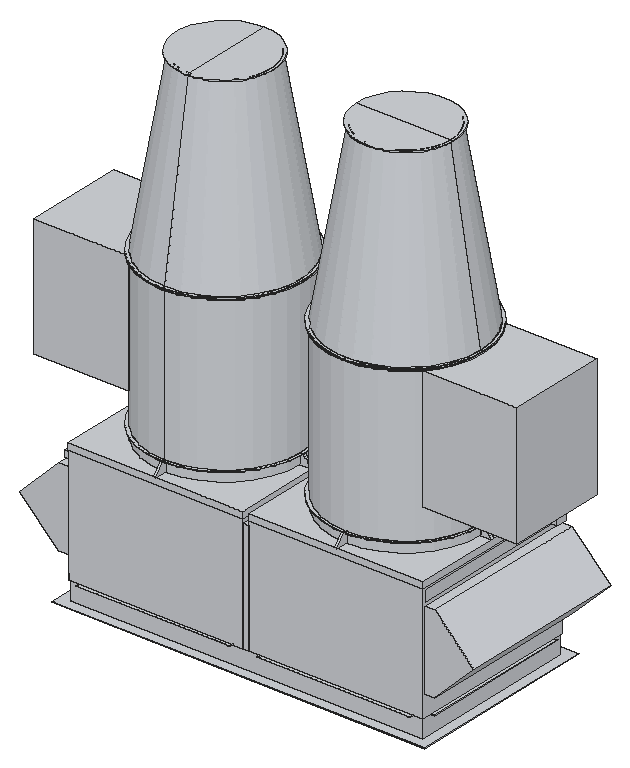
Revit family "TCNHBLE_with_1X2_Mixing_Box", category Mechanical Equipment, Revit 2019
Family settings
  Round Connector Dimension = Use Diameter
  Part Type = Normal
  Work Plane-Based = No
  Always vertical = Yes
  Cut with Voids When Loaded = No
  Shared = No
  Room Calculation Point = No
Parameters (values of type "490_TCNHBLE_1x2_SIDES")
  Unit Weight [instance] = ""
  TYPE = 12"
  Sones [instance] = ""
  SIDES [instance] = TYPE = 24"  # no
  RO/2 = RO / 2  # 38 1/4"
  RO = 76 1/2"
  Nozzle [instance] = ""
  Motor RPM [instance] = ""
  Motor Enclosure [instance] = ""
  ModelID [instance] = ""
  MIXING_BOX_HEIGHT-2.875" = MIXING_BOX_HEIGHT - 2 7/8"  # 56 3/8"
  MIXING_BOX_HEIGHT+.125" = MIXING_BOX_HEIGHT + 1/8"  # 59 3/8"
  MIXING_BOX_HEIGHT = 59 1/4"
  MB/2 = MIXING_BOX_HEIGHT / 2  # 29 5/8"
  LwA [instance] = ""
  LONG_RO = 163 13/16"
  Fan RPM [instance] = ""
  FAN_RAD+4" = FAN_RAD + 4"  # 40 1/2"
  FAN_RAD*.8 = FAN_RAD * 0.6  # 21.9"
  FAN_RAD*.33 = FAN_RAD * 0.66  # 24.09"
  FAN_RAD = FAN_DIA / 2  # 36 1/2"
  FAN_DIA-(C/2) = FAN_DIA - (C / 2)  # 31"
  FAN_DIA = 73"
  ENDS [instance] = TYPE = 12"  # yes
  CURB_HEIGHT [instance] = 12"
  CURB [instance] = yes
  C+.25" = C + 1/4"  # 84 1/4"
  DUAL_F/2 = DUAL_F / 2  # 85 1/2"
  DUAL_F+.5" = DUAL_F + 1/2"  # 171 1/2"
  DUAL_F = 171"
  D = 108"
  C = 84"
  F-1" = F - 1"  # 86"
  F = 87"
  C/2 = E / 2  # 69 1/2"
  E = 139"
  Bypass Damper Actuator = ""
  B/2 = B / 2  # 41 3/8"
  B = 82 3/4"
  Accessories [instance] = ""
  A-C-D = A - E - F + 1"  # 1/2"
  A = 225 1/2"
  5" = 5"  # constant formula
  3.125" = 3 1/8"  # constant formula
  3" = 3"  # constant formula
  Brake Hp [instance] = ""
  4" = 4"  # constant formula
  2' = 24"
  2" = 2"  # constant formula
  135 = 135.00°
  1" = 1"  # constant formula
  0 = 0"  # constant formula
  Voltage [instance] = 0 V
  URL = "www.lorencook.com"
  Type Comments = "Tubular Centrifugal Inline Upblast Roof Mounted Arrangement 9 With 1X2 Mixing Box"  # constant formula
  Static Pressure [instance] = 0.00 in-wg
  Power [instance] = Voltage * Motor FLA * sqrt(if(Phase = 3, 3, 1))  # 0 VA
  Phase [instance] = 0
  Number of Poles [instance] = 1
  Motor Hp [instance] = "0"
  Motor FLA [instance] = 0 A
  Model = "TCNHBLE-1X2_Mixing Box"  # constant formula
  Manufacturer = "Loren Cook Company"
  CFM [instance] = 0 CFM
  1.5 = 1 1/2"  # constant formula
  ONE EIGTH = 1/8"  # constant formula
  -C = -C  # -84"
  -B/2 = -B / 2  # -41 3/8"
  -B = -B  # -82 3/4"
  (C/2)-.5" = (-C / 2) - 1/2"  # -42 1/2"
  (C/2)+.5" = (-C / 2) + 1/2"  # -41 1/2"
  (C/2)+.125" = (C / 2) + 1/8"  # 42 1/8"
  -((E - MIXING_BOX_HEIGHT - 0'  5") * 0.8) = -((E - MIXING_BOX_HEIGHT - 5") * 0.8)  # -59.8"
  ((E - MIXING_BOX_HEIGHT - 0'  5") * 0.8) = ((E - MIXING_BOX_HEIGHT - 5") * 0.8)  # 59.8"
Types (35): name | TYPE | SIDES | RO/2 | RO | MIXING_BOX_HEIGHT-2.875" | MIXING_BOX_HEIGHT+.125" | MIXING_BOX_HEIGHT | MB/2 | LONG_RO | FAN_RAD+4" | FAN_RAD*.8 | FAN_RAD*.33 | FAN_RAD | FAN_DIA-(C/2) | FAN_DIA | ENDS | C+.25" | DUAL_F/2 | DUAL_F+.5" | DUAL_F | D | C | F-1" | F | C/2 | E | B/2 | B | A-C-D | A | -C | -B/2 | -B | (C/2)-.5" | (C/2)+.5" | (C/2)+.125" | -((E - MIXING_BOX_HEIGHT - 0'  5") * 0.8) | ((E - MIXING_BOX_HEIGHT - 0'  5") * 0.8)
  (no name) | 12" | no | 38 1/4" | 76 1/2" | 56 3/8" | 59 3/8" | 59 1/4" | 29 5/8" | 163 13/16" | 40 1/2" | 21.9" | 24.09" | 36 1/2" | 31" | 73" | yes | 84 1/4" | 85 1/2" | 171 1/2" | 171" | 108" | 84" | 86" | 87" | 69 1/2" | 139" | 41 3/8" | 82 3/4" | 1/2" | 225 1/2" | -84" | -41 3/8" | -82 3/4" | -42 1/2" | -41 1/2" | 42 1/8" | -59.8" | 59.8"
  100_TCNHBLE_1x2_ENDS | 12" | no | 8 13/32" | 16 13/16" | 27 5/8" | 30 5/8" | 30 1/2" | 15 1/4" | 44 1/16" | 12" | 4.8" | 5.28" | 8" | 4" | 16" | yes | 24 1/4" | 25 1/2" | 51 1/2" | 51" | 34" | 24" | 19" | 20" | 30" | 60" | 11 17/32" | 23 1/16" | 41" | 120" | -24" | -11 17/32" | -23 1/16" | -12 1/2" | -11 1/2" | 12 1/8" | -19.6" | 19.6"
  120_TCNHBLE_1x2_ENDS | 12" | no | 10 13/32" | 20 13/16" | 28 5/8" | 31 5/8" | 31 1/2" | 15 3/4" | 52 1/16" | 13" | 5.4" | 5.94" | 9" | 4" | 18" | yes | 28 1/4" | 29 1/2" | 59 1/2" | 59" | 38" | 28" | 21" | 22" | 31" | 62" | 13 17/32" | 27 1/16" | 37" | 120" | -28" | -13 17/32" | -27 1/16" | -14 1/2" | -13 1/2" | 14 1/8" | -20.4" | 20.4"
  135_TCNHBLE_1x2_ENDS | 12" | no | 11 3/8" | 22 3/4" | 28 7/8" | 31 7/8" | 31 3/4" | 15 7/8" | 56 1/16" | 14 1/2" | 6.3" | 6.93" | 10 1/2" | 6" | 21" | yes | 30 1/4" | 31 1/2" | 63 1/2" | 63" | 40" | 30" | 25" | 26" | 31 1/2" | 63" | 14 1/2" | 29" | 32" | 120" | -30" | -14 1/2" | -29" | -15 1/2" | -14 1/2" | 15 1/8" | -21" | 21"
  150_TCNHBLE_1x2_ENDS | 12" | no | 12 3/8" | 24 3/4" | 29 5/8" | 32 5/8" | 32 1/2" | 16 1/4" | 60 1/16" | 16" | 7.2" | 7.92" | 12" | 8" | 24" | yes | 32 1/4" | 33 1/2" | 67 1/2" | 67" | 42" | 32" | 28" | 29" | 33 1/2" | 67" | 15 1/2" | 31" | 25" | 120" | -32" | -15 1/2" | -31" | -16 1/2" | -15 1/2" | 16 1/8" | -23.6" | 23.6"
  165_TCNHBLE_1x2_ENDS | 12" | no | 13 3/8" | 26 3/4" | 31 1/8" | 34 1/8" | 34" | 17" | 64 1/16" | 17" | 7.8" | 8.58" | 13" | 9" | 26" | yes | 34 1/4" | 35 1/2" | 71 1/2" | 71" | 46" | 34" | 29" | 30" | 35" | 70" | 16 1/2" | 33" | 21" | 120" | -34" | -16 1/2" | -33" | -17 1/2" | -16 1/2" | 17 1/8" | -24.8" | 24.8"
  180_TCNHBLE_1x2_ENDS | 12" | no | 15 5/16" | 30 5/8" | 32 1/8" | 35 1/8" | 35" | 17 1/2" | 71 13/16" | 18" | 8.4" | 9.24" | 14" | 9" | 28" | yes | 38 1/4" | 39 1/2" | 79 1/2" | 79" | 50" | 38" | 34" | 35" | 36 1/2" | 73" | 18 7/16" | 36 7/8" | 13" | 120" | -38" | -18 7/16" | -36 7/8" | -19 1/2" | -18 1/2" | 19 1/8" | -26.4" | 26.4"
  195_TCNHBLE_1x2_ENDS | 12" | no | 17 11/32" | 34 11/16" | 32 7/8" | 35 7/8" | 35 3/4" | 17 7/8" | 79 15/16" | 19 1/2" | 9.3" | 10.23" | 15 1/2" | 10" | 31" | yes | 42 1/4" | 43 1/2" | 87 1/2" | 87" | 54" | 42" | 38" | 39" | 38" | 76" | 20 7/16" | 40 7/8" | 6" | 120" | -42" | -20 7/16" | -40 7/8" | -21 1/2" | -20 1/2" | 21 1/8" | -28.2" | 28.2"
  210_TCNHBLE_1x2_ENDS | 12" | no | 18 11/32" | 36 11/16" | 31 5/8" | 34 5/8" | 34 1/2" | 17 1/4" | 83 15/16" | 21" | 10.2" | 11.22" | 17" | 12" | 34" | yes | 44 1/4" | 45 1/2" | 91 1/2" | 91" | 56" | 44" | 41" | 42" | 38" | 76" | 21 7/16" | 42 7/8" | 7" | 124" | -44" | -21 7/16" | -42 7/8" | -22 1/2" | -21 1/2" | 22 1/8" | -29.2" | 29.2"
  225_TCNHBLE_1x2_ENDS | 12" | no | 20 11/32" | 40 11/16" | 32 3/8" | 35 3/8" | 35 1/4" | 17 5/8" | 91 15/16" | 22" | 10.8" | 11.88" | 18" | 12" | 36" | yes | 48 1/4" | 49 1/2" | 99 1/2" | 99" | 60" | 48" | 43" | 44" | 39" | 78" | 23 7/16" | 46 7/8" | 1/2" | 121 1/2" | -48" | -23 7/16" | -46 7/8" | -24 1/2" | -23 1/2" | 24 1/8" | -30.2" | 30.2"
  245_TCNHBLE_1x2_ENDS | 12" | no | 21 11/32" | 42 11/16" | 34 5/8" | 37 5/8" | 37 1/2" | 18 3/4" | 95 15/16" | 24" | 12" | 13.2" | 20" | 15" | 40" | yes | 50 1/4" | 51 1/2" | 103 1/2" | 103" | 63" | 50" | 49" | 50" | 42 1/2" | 85" | 24 7/16" | 48 7/8" | 1" | 135" | -50" | -24 7/16" | -48 7/8" | -25 1/2" | -24 1/2" | 25 1/8" | -34" | 34"
  270_TCNHBLE_1x2_ENDS | 12" | no | 23 11/32" | 46 11/16" | 34 5/8" | 37 5/8" | 37 1/2" | 18 3/4" | 103 15/16" | 26" | 13.2" | 14.52" | 22" | 17" | 44" | yes | 54 1/4" | 55 1/2" | 111 1/2" | 111" | 67" | 54" | 55" | 56" | 45 1/2" | 91" | 26 7/16" | 52 7/8" | 3/4" | 146 3/4" | -54" | -26 7/16" | -52 7/8" | -27 1/2" | -26 1/2" | 27 1/8" | -38.8" | 38.8"
  300_TCNHBLE_1x2_ENDS | 12" | no | 26 11/32" | 52 11/16" | 35 3/8" | 38 3/8" | 38 1/4" | 19 1/8" | 115 15/16" | 28" | 14.4" | 15.84" | 24" | 18" | 48" | yes | 60 1/4" | 61 1/2" | 123 1/2" | 123" | 74" | 60" | 59" | 60" | 46 1/2" | 93" | 29 7/16" | 58 7/8" | 1" | 153" | -60" | -29 7/16" | -58 7/8" | -30 1/2" | -29 1/2" | 30 1/8" | -39.8" | 39.8"
  330_TCNHBLE_1x2_ENDS | 12" | no | 27 9/32" | 54 9/16" | 38 5/8" | 41 5/8" | 41 1/2" | 20 3/4" | 119 13/16" | 30" | 15.6" | 17.16" | 26" | 21" | 52" | yes | 62 1/4" | 63 1/2" | 127 1/2" | 127" | 77" | 62" | 63" | 64" | 50" | 100" | 30 3/8" | 60 3/4" | 1 1/4" | 164 1/4" | -62" | -30 3/8" | -60 3/4" | -31 1/2" | -30 1/2" | 31 1/8" | -42.8" | 42.8"
  365_TCNHBLE_1x2_ENDS | 12" | no | 28 25/32" | 57 9/16" | 41 3/8" | 44 3/8" | 44 1/4" | 22 1/8" | 125 13/16" | 31" | 16.2" | 17.82" | 27" | 21 1/2" | 54" | yes | 65 1/4" | 66 1/2" | 133 1/2" | 133" | 82" | 65" | 64" | 65" | 52 1/2" | 105" | 31 7/8" | 63 3/4" | 1" | 170" | -65" | -31 7/8" | -63 3/4" | -33" | -32" | 32 5/8" | -44.6" | 44.6"
  402_TCNHBLE_1x2_ENDS | 12" | no | 32 9/32" | 64 9/16" | 43 5/8" | 46 5/8" | 46 1/2" | 23 1/4" | 139 13/16" | 34" | 18" | 19.8" | 30" | 24" | 60" | yes | 72 1/4" | 73 1/2" | 147 1/2" | 147" | 90" | 72" | 71" | 72" | 56 1/2" | 113" | 35 3/8" | 70 3/4" | 3/4" | 184 3/4" | -72" | -35 3/8" | -70 3/4" | -36 1/2" | -35 1/2" | 36 1/8" | -49.2" | 49.2"
  445_TCNHBLE_1x2_ENDS | 12" | no | 34 25/32" | 69 9/16" | 50 3/8" | 53 3/8" | 53 1/4" | 26 5/8" | 149 13/16" | 37" | 19.8" | 21.78" | 33" | 27 1/2" | 66" | yes | 77 1/4" | 78 1/2" | 157 1/2" | 157" | 98" | 77" | 79" | 80" | 63" | 126" | 37 7/8" | 75 3/4" | 1" | 206" | -77" | -37 7/8" | -75 3/4" | -39" | -38" | 38 5/8" | -54.2" | 54.2"
  490_TCNHBLE_1x2_ENDS | 12" | no | 38 1/4" | 76 1/2" | 56 3/8" | 59 3/8" | 59 1/4" | 29 5/8" | 163 13/16" | 40 1/2" | 21.9" | 24.09" | 36 1/2" | 31" | 73" | yes | 84 1/4" | 85 1/2" | 171 1/2" | 171" | 108" | 84" | 86" | 87" | 69 1/2" | 139" | 41 3/8" | 82 3/4" | 1/2" | 225 1/2" | -84" | -41 3/8" | -82 3/4" | -42 1/2" | -41 1/2" | 42 1/8" | -59.8" | 59.8"
  100_TCNHBLE_1x2_SIDES | 24" | yes | 8 13/32" | 16 13/16" | 27 5/8" | 30 5/8" | 30 1/2" | 15 1/4" | 44 1/16" | 12" | 4.8" | 5.28" | 8" | 4" | 16" | no | 24 1/4" | 25 1/2" | 51 1/2" | 51" | 34" | 24" | 19" | 20" | 30" | 60" | 11 17/32" | 23 1/16" | 41" | 120" | -24" | -11 17/32" | -23 1/16" | -12 1/2" | -11 1/2" | 12 1/8" | -19.6" | 19.6"
  120_TCNHBLE_1x2_SIDES | 24" | yes | 10 13/32" | 20 13/16" | 28 5/8" | 31 5/8" | 31 1/2" | 15 3/4" | 52 1/16" | 13" | 5.4" | 5.94" | 9" | 4" | 18" | no | 28 1/4" | 29 1/2" | 59 1/2" | 59" | 38" | 28" | 21" | 22" | 31" | 62" | 13 17/32" | 27 1/16" | 37" | 120" | -28" | -13 17/32" | -27 1/16" | -14 1/2" | -13 1/2" | 14 1/8" | -20.4" | 20.4"
  135_TCNHBLE_1x2_SIDES | 24" | yes | 11 3/8" | 22 3/4" | 28 7/8" | 31 7/8" | 31 3/4" | 15 7/8" | 56 1/16" | 14 1/2" | 6.3" | 6.93" | 10 1/2" | 6" | 21" | no | 30 1/4" | 31 1/2" | 63 1/2" | 63" | 40" | 30" | 25" | 26" | 31 1/2" | 63" | 14 1/2" | 29" | 32" | 120" | -30" | -14 1/2" | -29" | -15 1/2" | -14 1/2" | 15 1/8" | -21" | 21"
  150_TCNHBLE_1x2_SIDES | 24" | yes | 12 3/8" | 24 3/4" | 29 5/8" | 32 5/8" | 32 1/2" | 16 1/4" | 60 1/16" | 16" | 7.2" | 7.92" | 12" | 8" | 24" | no | 32 1/4" | 33 1/2" | 67 1/2" | 67" | 42" | 32" | 28" | 29" | 33 1/2" | 67" | 15 1/2" | 31" | 25" | 120" | -32" | -15 1/2" | -31" | -16 1/2" | -15 1/2" | 16 1/8" | -23.6" | 23.6"
  165_TCNHBLE_1x2_SIDES | 24" | yes | 13 3/8" | 26 3/4" | 31 1/8" | 34 1/8" | 34" | 17" | 64 1/16" | 17" | 7.8" | 8.58" | 13" | 9" | 26" | no | 34 1/4" | 35 1/2" | 71 1/2" | 71" | 46" | 34" | 29" | 30" | 35" | 70" | 16 1/2" | 33" | 21" | 120" | -34" | -16 1/2" | -33" | -17 1/2" | -16 1/2" | 17 1/8" | -24.8" | 24.8"
  180_TCNHBLE_1x2_SIDES | 24" | yes | 15 5/16" | 30 5/8" | 32 1/8" | 35 1/8" | 35" | 17 1/2" | 71 13/16" | 18" | 8.4" | 9.24" | 14" | 9" | 28" | no | 38 1/4" | 39 1/2" | 79 1/2" | 79" | 50" | 38" | 34" | 35" | 36 1/2" | 73" | 18 7/16" | 36 7/8" | 13" | 120" | -38" | -18 7/16" | -36 7/8" | -19 1/2" | -18 1/2" | 19 1/8" | -26.4" | 26.4"
  195_TCNHBLE_1x2_SIDES | 24" | yes | 17 11/32" | 34 11/16" | 32 7/8" | 35 7/8" | 35 3/4" | 17 7/8" | 79 15/16" | 19 1/2" | 9.3" | 10.23" | 15 1/2" | 10" | 31" | no | 42 1/4" | 43 1/2" | 87 1/2" | 87" | 54" | 42" | 38" | 39" | 38" | 76" | 20 7/16" | 40 7/8" | 6" | 120" | -42" | -20 7/16" | -40 7/8" | -21 1/2" | -20 1/2" | 21 1/8" | -28.2" | 28.2"
  210_TCNHBLE_1x2_SIDES | 24" | yes | 18 11/32" | 36 11/16" | 31 5/8" | 34 5/8" | 34 1/2" | 17 1/4" | 83 15/16" | 21" | 10.2" | 11.22" | 17" | 12" | 34" | no | 44 1/4" | 45 1/2" | 91 1/2" | 91" | 56" | 44" | 41" | 42" | 38" | 76" | 21 7/16" | 42 7/8" | 7" | 124" | -44" | -21 7/16" | -42 7/8" | -22 1/2" | -21 1/2" | 22 1/8" | -29.2" | 29.2"
  225_TCNHBLE_1x2_SIDES | 24" | yes | 20 11/32" | 40 11/16" | 32 3/8" | 35 3/8" | 35 1/4" | 17 5/8" | 91 15/16" | 22" | 10.8" | 11.88" | 18" | 12" | 36" | no | 48 1/4" | 49 1/2" | 99 1/2" | 99" | 60" | 48" | 43" | 44" | 39" | 78" | 23 7/16" | 46 7/8" | 1/2" | 121 1/2" | -48" | -23 7/16" | -46 7/8" | -24 1/2" | -23 1/2" | 24 1/8" | -30.2" | 30.2"
  245_TCNHBLE_1x2_SIDES | 24" | yes | 21 11/32" | 42 11/16" | 34 5/8" | 37 5/8" | 37 1/2" | 18 3/4" | 95 15/16" | 24" | 12" | 13.2" | 20" | 15" | 40" | no | 50 1/4" | 51 1/2" | 103 1/2" | 103" | 63" | 50" | 49" | 50" | 42 1/2" | 85" | 24 7/16" | 48 7/8" | 1" | 135" | -50" | -24 7/16" | -48 7/8" | -25 1/2" | -24 1/2" | 25 1/8" | -34" | 34"
  270_TCNHBLE_1x2_SIDES | 24" | yes | 23 11/32" | 46 11/16" | 34 5/8" | 37 5/8" | 37 1/2" | 18 3/4" | 103 15/16" | 26" | 13.2" | 14.52" | 22" | 17" | 44" | no | 54 1/4" | 55 1/2" | 111 1/2" | 111" | 67" | 54" | 55" | 56" | 45 1/2" | 91" | 26 7/16" | 52 7/8" | 3/4" | 146 3/4" | -54" | -26 7/16" | -52 7/8" | -27 1/2" | -26 1/2" | 27 1/8" | -38.8" | 38.8"
  300_TCNHBLE_1x2_SIDES | 24" | yes | 26 11/32" | 52 11/16" | 35 3/8" | 38 3/8" | 38 1/4" | 19 1/8" | 115 15/16" | 28" | 14.4" | 15.84" | 24" | 18" | 48" | no | 60 1/4" | 61 1/2" | 123 1/2" | 123" | 74" | 60" | 59" | 60" | 46 1/2" | 93" | 29 7/16" | 58 7/8" | 1" | 153" | -60" | -29 7/16" | -58 7/8" | -30 1/2" | -29 1/2" | 30 1/8" | -39.8" | 39.8"
  330_TCNHBLE_1x2_SIDES | 24" | yes | 27 9/32" | 54 9/16" | 38 5/8" | 41 5/8" | 41 1/2" | 20 3/4" | 119 13/16" | 30" | 15.6" | 17.16" | 26" | 21" | 52" | no | 62 1/4" | 63 1/2" | 127 1/2" | 127" | 77" | 62" | 63" | 64" | 50" | 100" | 30 3/8" | 60 3/4" | 1 1/4" | 164 1/4" | -62" | -30 3/8" | -60 3/4" | -31 1/2" | -30 1/2" | 31 1/8" | -42.8" | 42.8"
  365_TCNHBLE_1x2_SIDES | 24" | yes | 28 25/32" | 57 9/16" | 41 3/8" | 44 3/8" | 44 1/4" | 22 1/8" | 125 13/16" | 31" | 16.2" | 17.82" | 27" | 21 1/2" | 54" | no | 65 1/4" | 66 1/2" | 133 1/2" | 133" | 82" | 65" | 64" | 65" | 52 1/2" | 105" | 31 7/8" | 63 3/4" | 1" | 170" | -65" | -31 7/8" | -63 3/4" | -33" | -32" | 32 5/8" | -44.6" | 44.6"
  402_TCNHBLE_1x2_SIDES | 24" | yes | 32 9/32" | 64 9/16" | 43 5/8" | 46 5/8" | 46 1/2" | 23 1/4" | 139 13/16" | 34" | 18" | 19.8" | 30" | 24" | 60" | no | 72 1/4" | 73 1/2" | 147 1/2" | 147" | 90" | 72" | 71" | 72" | 56 1/2" | 113" | 35 3/8" | 70 3/4" | 3/4" | 184 3/4" | -72" | -35 3/8" | -70 3/4" | -36 1/2" | -35 1/2" | 36 1/8" | -49.2" | 49.2"
  445_TCNHBLE_1x2_SIDES | 12" | no | 34 25/32" | 69 9/16" | 50 3/8" | 53 3/8" | 53 1/4" | 26 5/8" | 149 13/16" | 37" | 19.8" | 21.78" | 33" | 27 1/2" | 66" | yes | 77 1/4" | 78 1/2" | 157 1/2" | 157" | 98" | 77" | 79" | 80" | 63" | 126" | 37 7/8" | 75 3/4" | 1" | 206" | -77" | -37 7/8" | -75 3/4" | -39" | -38" | 38 5/8" | -54.2" | 54.2"
  490_TCNHBLE_1x2_SIDES | 12" | no | 38 1/4" | 76 1/2" | 56 3/8" | 59 3/8" | 59 1/4" | 29 5/8" | 163 13/16" | 40 1/2" | 21.9" | 24.09" | 36 1/2" | 31" | 73" | yes | 84 1/4" | 85 1/2" | 171 1/2" | 171" | 108" | 84" | 86" | 87" | 69 1/2" | 139" | 41 3/8" | 82 3/4" | 1/2" | 225 1/2" | -84" | -41 3/8" | -82 3/4" | -42 1/2" | -41 1/2" | 42 1/8" | -59.8" | 59.8"
Reference planes (in)
  plane 1 "Center (Front/Back)": y = 0
  plane 2: z = 0
  plane 3 "Center (Left/Right)": x = 0.40541
Forms (in)
  Extrusion 1, solid
    sketch origin (0, 0, 0) x (1, 0, 0) y (0, 1, 0)
      loop
        line (-41.71959, 42.125) -> (-41.71959, -42.125) -> (42.53041, -42.125) -> (42.53041, 42.125) -> (-41.71959, 42.125)
      loop
        line (45.53041, 42.125) -> (45.53041, -42.125) -> (129.78041, -42.125) -> (129.78041, 42.125) -> (45.53041, 42.125)
    from 59.375 <- "MIXING_BOX_HEIGHT+.125"" to 56.375 <- "MIXING_BOX_HEIGHT-2.875""
  Extrusion 2, solid
    sketch origin (0, 0, 59.375) x (1, 0, 0) y (0, 1, 0)
      loop
        circle (0.40541, 0) r 36.5
      loop
        circle (87.65541, 0) r 36.5
    from 5 to 0
  Extrusion 3, solid
    sketch origin (0, 0, 0) x (1, 0, 0) y (0, 0, 1)
      loop
        line (-41.71959, 59.375) -> (-36.09459, 59.375) -> (-36.09459, 64.375) -> (-37.59459, 64.375) -> (-41.71959, 59.375)
      loop
        line (42.53041, 59.375) -> (38.40541, 64.375) -> (36.90541, 64.375) -> (36.90541, 59.375) -> (42.53041, 59.375)
    from -0.5 to 0.5
  Extrusion 4, solid
    sketch origin (0.40541, 0, 0) x (0, 1, 0) y (0, 0, 1)
      loop
        line (42.125, 59.375) -> (38, 64.375) -> (36.5, 64.375) -> (36.5, 59.375) -> (42.125, 59.375)
      loop
        line (-42.125, 59.375) -> (-36.5, 59.375) -> (-36.5, 64.375) -> (-38, 64.375) -> (-42.125, 59.375)
    from -0.5 to 0.5
  Revolve 5, solid
    sketch origin (0.40541, 0, 0) x (0, 1, 0) y (0, 0, 1)
      loop
        line (0, 64.375) -> (0, 225.5) -> (-23.4, 225.5) -> (-23.4, 225.375) -> (-21.9, 225.375) -> (-36.5, 139.625) -> (-38, 139.625) -> (-38, 139.5) -> (-36.5, 139.5) -> (-36.5, 139) -> (-38, 139) -> (-38, 138.875) -> (-36.5, 138.875) -> (-36.5, 64.5) -> (-38, 64.5) -> (-38, 64.375) -> (0, 64.375)
      axis (0, 64.375) -> (0, 225.5)
    angle from 0 to 360
  Extrusion 6, solid
    sketch origin (0, 0, 0) x (1, 0, 0) y (0, 1, 0)
      loop
        line (-41.59459, 42) -> (-41.59459, -42) -> (42.40541, -42) -> (42.40541, 42) -> (-41.59459, 42)
      loop
        line (45.65541, 42) -> (45.65541, -42) -> (129.65541, -42) -> (129.65541, 42) -> (45.65541, 42)
    from 56.375 <- "MIXING_BOX_HEIGHT-2.875"" to 0
  Extrusion 7, void
    sketch origin (0, 0, 0) x (1, 0, 0) y (0, 1, 0)
      loop
        line (-41.46959, 41.875) -> (-41.46959, -41.875) -> (42.28041, -41.875) -> (42.28041, 41.875) -> (-41.46959, 41.875)
      loop
        line (45.78041, 41.875) -> (45.78041, -41.875) -> (129.53041, -41.875) -> (129.53041, 41.875) -> (45.78041, 41.875)
    from 2.875 to 0
  Extrusion 8, solid, visible <- "ENDS"
    sketch origin (0, 0, 0) x (1, 0, 0) y (0, 0, 1)
      loop
        line (-41.59459, 48.625) -> (-46.59459, 48.625) -> (-65.59459, 29.625) -> (-46.59459, 10.625) -> (-41.59459, 10.625) -> (-41.59459, 48.625)
      loop
        line (129.65541, 48.625) -> (129.65541, 10.625) -> (134.65541, 10.625) -> (153.65541, 29.625) -> (134.65541, 48.625) -> (129.65541, 48.625)
    from -41.375 <- "-B/2" to 41.375 <- "B/2"
  Extrusion 9, solid
    sketch origin (0, 0, 0) x (1, 0, 0) y (0, 1, 0)
      loop
        line (-36.71959, 43.625) -> (-36.71959, 42.125) -> (37.53041, 42.125) -> (37.53041, 43.625) -> (-36.71959, 43.625)
      loop
        line (37.53041, -42) -> (-36.71959, -42) -> (-36.71959, -43.5) -> (37.53041, -43.5) -> (37.53041, -42)
      loop
        line (-41.59459, -37.125) -> (-41.59459, 37.125) -> (-43.09459, 37.125) -> (-43.09459, -37.125) -> (-41.59459, -37.125)
      loop
        line (50.53041, 43.625) -> (50.53041, 42.125) -> (124.78041, 42.125) -> (124.78041, 43.625) -> (50.53041, 43.625)
      loop
        line (129.78041, 37.125) -> (129.78041, -37.125) -> (131.28041, -37.125) -> (131.28041, 37.125) -> (129.78041, 37.125)
      loop
        line (124.78041, -42.125) -> (50.53041, -42.125) -> (50.53041, -43.625) -> (124.78041, -43.625) -> (124.78041, -42.125)
    from 0 to 0.125
  Revolve 10, solid
    sketch origin (0, 0, 0) x (1, 0, 0) y (0, 0, 1)
      loop
        line (87.65541, 64.375) -> (125.65541, 64.375) -> (125.65541, 64.5) -> (124.15541, 64.5) -> (124.15541, 138.875) -> (125.65541, 138.875) -> (125.65541, 139) -> (124.15541, 139) -> (124.15541, 139.5) -> (125.65541, 139.5) -> (125.65541, 139.625) -> (124.15541, 139.625) -> (109.55541, 225.375) -> (111.05541, 225.375) -> (111.05541, 225.5) -> (87.65541, 225.5) -> (87.65541, 64.375)
      axis (87.65541, 225.5) -> (87.65541, 64.375)
    angle from 0 to 360
  Extrusion 11, solid
    sketch origin (0, 0, 0) x (1, 0, 0) y (0, 0, 1)
      loop
        line (45.53041, 59.375) -> (51.15541, 59.375) -> (51.15541, 64.375) -> (49.65541, 64.375) -> (45.53041, 59.375)
      loop
        line (124.15541, 59.375) -> (129.78041, 59.375) -> (125.65541, 64.375) -> (124.15541, 64.375) -> (124.15541, 59.375)
    from -0.5 to 0.5
  Extrusion 12, solid
    sketch origin (129.78041, 42.125, 0) x (0, -1, 0) y (0, 0, -1)
      loop
        line (84.25, -59.375) -> (78.625, -59.375) -> (78.625, -64.375) -> (80.125, -64.375) -> (84.25, -59.375)
      loop
        line (0, -59.375) -> (4.125, -64.375) -> (5.625, -64.375) -> (5.625, -59.375) -> (0, -59.375)
    from -41.5 <- "(C/2)+.5"" to -42.5 <- "(C/2)-.5""
  Extrusion 13, solid
    sketch origin (129.65541, -42, 0) x (-1, 0, 0) y (0, 0, -1)
      loop
        line (87.25, -54.375) -> (87.25, 0) -> (84, 0) -> (84, -54.375) -> (87.25, -54.375)
    from -84 <- "-C" to 0
  Extrusion 14, void
    sketch origin (0, 0, 0) x (1, 0, 0) y (0, 1, 0)
      loop
        line (41.40541, 38.875) -> (46.65541, 38.875) -> (46.65541, 41.875) -> (41.40541, 41.875) -> (41.40541, 38.875)
      loop
        line (41.40541, -38.875) -> (41.40541, -41.875) -> (46.65541, -41.875) -> (46.65541, -38.875) -> (41.40541, -38.875)
    from 2.875 to 0
  Extrusion 15, solid, visible <- "SIDES"
    sketch origin (0.40541, 0, 138.875) x (-1, 0, 0) y (0, 1, 0)
      loop
        line (-24.09, -27.42119) -> (-24.09, -73) -> (24.09, -73) -> (24.09, -27.42119)
        arc (24.09, -27.42119) -> (0, -36.5) -> (-24.09, -27.42119) r 36.5
      loop
        line (-111.34, -27.42119) -> (-111.34, -73) -> (-63.16, -73) -> (-63.16, -27.42119)
        arc (-63.16, -27.42119) -> (-87.25, -36.5) -> (-111.34, -27.42119) r 36.5
    from 59.8 <- "((E - MIXING_BOX_HEIGHT - 0'  5") * 0.8)" to 1
  Extrusion 16, solid, visible <- "SIDES"
    sketch origin (-41.59459, -42, 0) x (0, 1, 0) y (0, 0, -1)
      loop
        line (0, -48.625) -> (0, -10.625) -> (-5, -10.625) -> (-24, -29.625) -> (-5, -48.625) -> (0, -48.625)
    from -84 <- "-C" to 0
  Extrusion 17, solid, visible <- "SIDES"
    sketch origin (129.65541, 42, 0) x (0, -1, 0) y (0, 0, -1)
      loop
        line (84, -48.625) -> (89, -48.625) -> (108, -29.625) -> (89, -10.625) -> (84, -10.625) -> (84, -48.625)
    from -84 <- "-C" to 0
  Extrusion 18, solid, visible <- "ENDS"
    sketch origin (0.40541, 0, 138.875) x (-1, 0, 0) y (0, 1, 0)
      loop
        arc (27.42119, 24.09) -> (36.5, 0) -> (27.42119, -24.09) r 36.5
        line (27.42119, -24.09) -> (73, -24.09) -> (73, 24.09) -> (27.42119, 24.09)
      loop
        line (-114.67119, 24.09) -> (-160.375, 24.09) -> (-160.375, -24.09) -> (-114.67119, -24.09)
        arc (-114.67119, -24.09) -> (-123.75, 0) -> (-114.67119, 24.09) r 36.5
    from 59.8 <- "((E - MIXING_BOX_HEIGHT - 0'  5") * 0.8)" to 1
  Extrusion 19, solid, visible <- "SIDES"
    sketch origin (129.65541, -42, 0) x (-1, 0, 0) y (0, 0, -1)
      loop
        line (1.5, -55.375) -> (82.5, -55.375) -> (82.5, -50.375) -> (1.5, -50.375) -> (1.5, -55.375)
      loop
        line (88.75, -55.375) -> (169.75, -55.375) -> (169.75, -50.375) -> (88.75, -50.375) -> (88.75, -55.375)
    from 0 to 0.125
  Extrusion 20, solid, visible <- "SIDES"
    sketch origin (129.65541, -42.125, 0) x (-1, 0, 0) y (0, 0, -1)
      loop
        line (94.75, -51.375) -> (89.75, -51.375) -> (89.75, -54.375) -> (94.75, -54.375) -> (94.75, -51.375)
      loop
        line (7.5, -54.375) -> (7.5, -51.375) -> (2.5, -51.375) -> (2.5, -54.375) -> (7.5, -54.375)
    from 0 to 3.5
  Extrusion 21, solid, visible <- "ENDS"
    sketch origin (-41.59459, -42, 0) x (0, 1, 0) y (0, 0, -1)
      loop
        line (83, -50.375) -> (1, -50.375) -> (1, -55.375) -> (83, -55.375) -> (83, -50.375)
    from 0 to 0.125
  Extrusion 22, solid, visible <- "ENDS"
    sketch origin (-41.71959, -42, 0) x (0, 1, 0) y (0, 0, -1)
      loop
        line (2, -54.375) -> (7, -54.375) -> (7, -51.375) -> (2, -51.375) -> (2, -54.375)
    from 0 to 3.5
  Extrusion 23, solid, visible <- "ENDS"
    sketch origin (129.65541, 42, 0) x (0, -1, 0) y (0, 0, -1)
      loop
        line (82.5, -55.375) -> (82.5, -50.375) -> (1.5, -50.375) -> (1.5, -55.375) -> (82.5, -55.375)
    from 0 to 0.125
  Extrusion 24, solid, visible <- "ENDS"
    sketch origin (129.78041, 42, 0) x (0, -1, 0) y (0, 0, -1)
      loop
        line (2.5, -54.375) -> (7.5, -54.375) -> (7.5, -51.375) -> (2.5, -51.375) -> (2.5, -54.375)
    from 0 to 3.5
  Extrusion 25, solid
    sketch origin (87.65541, 0, 64.5) x (1, 0, 0) y (0, 1, 0)
      loop
        line (-89.25, 40.5) -> (-89.25, 36.5) -> (-85.25, 36.5) -> (-85.25, 40.5) -> (-89.25, 40.5)
      loop
        line (-1.875, 40.5) -> (-1.875, 36.5) -> (2.125, 36.5) -> (2.125, 40.5) -> (-1.875, 40.5)
    from 10 to 6
  Extrusion 26, solid, visible <- "CURB"
    sketch origin (0, 0, 2.875) x (0, 1, 0) y (1, 0, 0)
      loop
        line (38.25, -37.84459) -> (38.25, 125.96791) -> (-38.25, 125.96791) -> (-38.25, -37.84459) -> (38.25, -37.84459)
      loop
        line (-41.375, 129.09291) -> (-41.375, -40.96959) -> (41.375, -40.96959) -> (41.375, 129.09291) -> (-41.375, 129.09291)
    from 0 to 12 <- "CURB_HEIGHT"
  Extrusion 27, solid, visible <- "CURB"
    sketch origin (0, 0, -9.125) x (-1, 0, 0) y (0, 1, 0)
      loop
        line (40.96959, -41.375) -> (40.96959, 41.375) -> (-129.09291, 41.375) -> (-129.09291, -41.375) -> (40.96959, -41.375)
      loop
        line (-134.09291, 46.375) -> (-134.09291, -46.375) -> (45.96959, -46.375) -> (45.96959, 46.375) -> (-134.09291, 46.375)
    from 0 to -0.125
Cuts and joins
  Extrusion 7, Extrusion 14 cuts Extrusion 6
  Extrusion 14 cuts Extrusion 9
  Extrusion 14 cuts Extrusion 13
Dimensions and locks (in)
  "(C/2)+.125"": Extrusion 1 sketch curve to plane 3 "Center (Left/Right)"
  "(C/2)+.125"": plane 3 "Center (Left/Right)" to Extrusion 1 sketch curve
  "(C/2)+.125"": plane 1 "Center (Front/Back)" to Extrusion 1 sketch curve  (x2)
  "(C/2)+.125"": Extrusion 1 sketch curve to plane 1 "Center (Front/Back)"  (x2)
  "0": plane 3 "Center (Left/Right)" to Extrusion 2 sketch curve
  "0": Extrusion 2 sketch curve to plane 1 "Center (Front/Back)"  (x2)
  "0": Extrusion 2 to Extrusion 3 sketch curve
  "0": Extrusion 3 sketch curve to Extrusion 2  (x3)
  "FAN_RAD": plane 1 "Center (Front/Back)" to Extrusion 4 sketch curve
  "FAN_RAD": Extrusion 4 sketch curve to plane 1 "Center (Front/Back)"
  "0": Revolve 5 sketch curve to Extrusion 2
  "ONE EIGTH": Revolve 5 sketch curve to Revolve 5 sketch curve  (x4)
  "F-1"": Revolve 5 sketch curve to Revolve 5 sketch curve
  "A": Revolve 5 sketch curve to level
  "E": Revolve 5 sketch curve to level
  "0": Revolve 5 sketch curve to Extrusion 4
  "0": Revolve 5 sketch curve to Revolve 5 sketch curve  (x3)
  "1.5": Revolve 5 sketch curve to Revolve 5 sketch curve  (x2)
  "FAN_RAD*.8": plane 1 "Center (Front/Back)" to Revolve 5 sketch curve
  "0": Revolve 5 sketch curve to plane 1 "Center (Front/Back)"
  "1.5": Extrusion 4 sketch curve to Extrusion 4 sketch curve  (x2)
  "1.5": Extrusion 3 sketch curve to Extrusion 3 sketch curve  (x2)
  "ONE EIGTH": Extrusion 6 sketch curve to Extrusion 1  (x5)
  "ONE EIGTH": Extrusion 1 to Extrusion 6 sketch curve  (x3)
  "0": Extrusion 3 sketch curve to Extrusion 1  (x2)
  "0": Extrusion 4 sketch curve to Extrusion 1  (x3)
  "0": Extrusion 1 to Extrusion 4 sketch curve
  Extrusion 4 sketch curve to Extrusion 1 = 5"
  "5"": Extrusion 4 sketch curve to Extrusion 1
  "ONE EIGTH": Extrusion 7 sketch curve to Extrusion 6  (x3)
  "ONE EIGTH": Extrusion 6 to Extrusion 7 sketch curve
  "0": cut or joined group of Extrusion 6, Extrusion 7, Extrusion 14 to Extrusion 8 sketch curve
  "5"": Extrusion 8 sketch curve to Extrusion 8 sketch curve  (x4)
  "D": cut or joined group of Extrusion 6, Extrusion 7, Extrusion 14 to Extrusion 8 sketch curve  (x2)
  "MB/2": Extrusion 8 sketch curve to level
  "1.5": Extrusion 9 sketch curve to Extrusion 9 sketch curve  (x6)
  "5"": Extrusion 1 to Extrusion 9 sketch curve  (x5)
  "5"": Extrusion 9 sketch curve to Extrusion 1  (x7)
  "0": Extrusion 9 sketch curve to cut or joined group of Extrusion 6, Extrusion 7, Extrusion 14  (x2)
  "0": Extrusion 9 sketch curve to Extrusion 1  (x2)
  "C+.25"": Extrusion 1 sketch curve to Extrusion 1 sketch curve
  "DUAL_F+.5"": Extrusion 1 sketch curve to Extrusion 1 sketch curve
  "ONE EIGTH": cut or joined group of Extrusion 6, Extrusion 7, Extrusion 14 to Extrusion 7 sketch curve  (x3)
  "ONE EIGTH": Extrusion 7 sketch curve to cut or joined group of Extrusion 6, Extrusion 7, Extrusion 14
  "(C/2)+.125"": Extrusion 1 to Extrusion 2 sketch curve
  "0": Extrusion 8 sketch curve to cut or joined group of Extrusion 6, Extrusion 7, Extrusion 14
  "0": Extrusion 8 sketch curve to Extrusion 8 sketch curve  (x2)
  "(C/2)+.125"": Extrusion 1 to Revolve 10 sketch curve
  "(C/2)+.125"": Revolve 10 sketch curve to Extrusion 1
  "0": Revolve 10 sketch curve to Extrusion 2
  "ONE EIGTH": Revolve 10 sketch curve to Revolve 10 sketch curve  (x4)
  "FAN_RAD": Revolve 10 sketch curve to Revolve 10 sketch curve
  "1.5": Revolve 10 sketch curve to Revolve 10 sketch curve  (x4)
  "0": Revolve 10 sketch curve to Revolve 10 sketch curve  (x2)
  "0": Revolve 5 to Revolve 10 sketch curve  (x3)
  "FAN_RAD*.8": Revolve 10 sketch curve to Revolve 10 sketch curve
  "0": Extrusion 1 to Extrusion 9 sketch curve  (x2)
  "0": Extrusion 11 sketch curve to Extrusion 1  (x4)
  "0": Extrusion 11 sketch curve to Revolve 10  (x4)
  "1.5": Extrusion 11 sketch curve to Extrusion 11 sketch curve  (x2)
  "0": Extrusion 12 sketch curve to Extrusion 4  (x3)
  "0": Extrusion 1 to Extrusion 12 sketch curve  (x2)
  "0": Extrusion 4 to Extrusion 12 sketch curve
  "0": Revolve 10 to Extrusion 12 sketch curve
  "0": Extrusion 12 sketch curve to Revolve 10
  "0": cut or joined group of Extrusion 6, Extrusion 7, Extrusion 14 to Extrusion 13 sketch curve
  "0": Extrusion 13 sketch curve to cut or joined group of Extrusion 6, Extrusion 7, Extrusion 14
  "2"": cut or joined group of Extrusion 6, Extrusion 7, Extrusion 14 to Extrusion 13 sketch curve
  "0": level to Extrusion 13 sketch curve
  "3"": Extrusion 14 sketch curve to Extrusion 14 sketch curve  (x2)
  "1"": cut or joined group of Extrusion 6, Extrusion 7, Extrusion 14 to Extrusion 14 sketch curve
  "1"": Extrusion 14 sketch curve to cut or joined group of Extrusion 6, Extrusion 7, Extrusion 14
  "0": Extrusion 14 sketch curve to Extrusion 14 sketch curve  (x2)
  "ONE EIGTH": Extrusion 13 to Extrusion 14 sketch curve  (x2)
  "0": Extrusion 15 sketch curve to plane 1 "Center (Front/Back)"  (x2)
  "0": Extrusion 15 sketch curve to plane 3 "Center (Left/Right)"
  "(C/2)+.125"": Extrusion 1 to Extrusion 15 sketch curve
  "FAN_RAD*.33": Extrusion 15 sketch curve to Extrusion 15 sketch curve  (x2)
  "FAN_RAD*.33": plane 3 "Center (Left/Right)" to Extrusion 15 sketch curve
  "FAN_RAD*.33": Extrusion 15 sketch curve to plane 3 "Center (Left/Right)"
  "FAN_DIA": Extrusion 15 sketch curve to plane 1 "Center (Front/Back)"  (x2)
  "D": cut or joined group of Extrusion 6, Extrusion 7, Extrusion 14 to Extrusion 16 sketch curve
  "0": cut or joined group of Extrusion 6, Extrusion 7, Extrusion 14 to Extrusion 16 sketch curve
  "MB/2": Extrusion 16 sketch curve to level
  "5"": Extrusion 16 sketch curve to Extrusion 16 sketch curve  (x2)
  "0": Extrusion 17 sketch curve to Extrusion 16  (x4)
  "0": Extrusion 17 sketch curve to cut or joined group of Extrusion 6, Extrusion 7, Extrusion 14
  "0": Extrusion 18 sketch curve to plane 3 "Center (Left/Right)"
  "0": Extrusion 18 sketch curve to plane 1 "Center (Front/Back)"
  "0": plane 1 "Center (Front/Back)" to Extrusion 18 sketch curve
  "(C/2)+.125"": Extrusion 1 to Extrusion 18 sketch curve
  "FAN_RAD*.33": plane 1 "Center (Front/Back)" to Extrusion 18 sketch curve  (x3)
  "FAN_RAD*.33": Extrusion 18 sketch curve to plane 1 "Center (Front/Back)"
  "FAN_DIA-(C/2)": Extrusion 1 to Extrusion 18 sketch curve
  "FAN_DIA": Extrusion 18 sketch curve to plane 3 "Center (Left/Right)"
  "1"": cut or joined group of Extrusion 6, Extrusion 7, Extrusion 14 to Extrusion 19 sketch curve  (x2)
  "1.5": cut or joined group of Extrusion 13, Extrusion 14 to Extrusion 19 sketch curve
  "1.5": Extrusion 16 to Extrusion 19 sketch curve
  "1.5": cut or joined group of Extrusion 6, Extrusion 7, Extrusion 14 to Extrusion 19 sketch curve  (x2)
  "5"": Extrusion 19 sketch curve to Extrusion 19 sketch curve  (x2)
  "1"": Extrusion 19 to Extrusion 20 sketch curve  (x4)
  "1"": Extrusion 20 sketch curve to Extrusion 19  (x2)
  "5"": Extrusion 20 sketch curve to Extrusion 20 sketch curve  (x2)
  "1"": cut or joined group of Extrusion 6, Extrusion 7, Extrusion 14 to Extrusion 21 sketch curve  (x2)
  "1"": Extrusion 21 sketch curve to cut or joined group of Extrusion 6, Extrusion 7, Extrusion 14
  "5"": Extrusion 21 sketch curve to Extrusion 21 sketch curve
  "1"": Extrusion 21 to Extrusion 22 sketch curve  (x2)
  "1"": Extrusion 22 sketch curve to Extrusion 21
  "5"": Extrusion 22 sketch curve to Extrusion 22 sketch curve
  "1.5": cut or joined group of Extrusion 6, Extrusion 7, Extrusion 14 to Extrusion 23 sketch curve
  "1.5": Extrusion 23 sketch curve to cut or joined group of Extrusion 6, Extrusion 7, Extrusion 14
  "1"": cut or joined group of Extrusion 6, Extrusion 7, Extrusion 14 to Extrusion 23 sketch curve
  "5"": Extrusion 23 sketch curve to Extrusion 23 sketch curve
  "1"": Extrusion 23 to Extrusion 24 sketch curve  (x2)
  "1"": Extrusion 24 sketch curve to Extrusion 23
  "5"": Extrusion 24 sketch curve to Extrusion 24 sketch curve
  "FAN_RAD": plane 1 "Center (Front/Back)" to Extrusion 25 sketch curve  (x2)
  "FAN_RAD+4"": plane 1 "Center (Front/Back)" to Extrusion 25 sketch curve  (x2)
  "1.5": Extrusion 12 to Extrusion 25 sketch curve
  "1.5": Extrusion 25 sketch curve to Extrusion 12
  "1.5": Extrusion 25 sketch curve to Extrusion 4
  "1.5": Extrusion 4 to Extrusion 25 sketch curve
  "3.125"": Extrusion 26 sketch curve to Extrusion 26 sketch curve  (x4)
  "RO/2": plane 1 "Center (Front/Back)" to Extrusion 26 sketch curve  (x2)
  "RO/2": Extrusion 26 sketch curve to plane 3 "Center (Left/Right)"
  "LONG_RO": Extrusion 26 sketch curve to Extrusion 26 sketch curve
  "5"": Extrusion 27 sketch curve to Extrusion 27 sketch curve  (x4)
  "0": Extrusion 27 sketch curve to Extrusion 26  (x3)
  "0": Extrusion 26 to Extrusion 27 sketch curve
  "FAN_RAD": radius of Extrusion 2 sketch curve  (x2)
  "FAN_RAD": radius of Extrusion 15 sketch curve  (x2)
  "FAN_RAD": radius of Extrusion 18 sketch curve  (x2)
  "135": angle Extrusion 8 sketch curve to Extrusion 8 sketch curve  (x4)
  "135": angle Extrusion 16 sketch curve to Extrusion 16 sketch curve  (x2)
Automatic sketch dimensions
  Revolve 5 sketch curve to plane 1 "Center (Front/Back)" = 0"
  Revolve 5 sketch curve to level = 0"
  Revolve 5 sketch curve to Revolve 5 sketch curve = 0"
  Revolve 5 sketch curve to Revolve 5 sketch curve = 9"
  Extrusion 3 sketch curve to Extrusion 3 sketch curve = 5"  (x2)
  Revolve 10 sketch curve to Revolve 10 sketch curve = 23"
  Revolve 10 sketch curve to Revolve 10 sketch curve = 0"
  Extrusion 15 sketch curve to Extrusion 15 sketch curve = 0"  (x2)
  Extrusion 18 sketch curve to Extrusion 18 sketch curve = 0"  (x2)
Connectors (in)
  electrical at (132.15541, 0, 10.625), driven by "Bypass Damper Actuator"
    settings: on Extrusion 8, index 7, voltage 0 V, apparent load 0 VA, apparent load phase1 0 VA, apparent load phase2 0 VA, apparent load phase3 0 VA, power factor 1, load classification "Other", number of poles 1, system type 13, power factor state 1, is connector primary yes, connector utility no, sub classification motor no, connector description ""
  electrical at (87.65541, -44.5, 10.625), driven by "Bypass Damper Actuator"
    settings: on Extrusion 17, index 8, voltage 0 V, apparent load 0 VA, apparent load phase1 0 VA, apparent load phase2 0 VA, apparent load phase3 0 VA, power factor 1, load classification "Other", number of poles 1, system type 13, power factor state 1, is connector primary no, connector utility no, sub classification motor no, connector description ""
  electrical at (0.40541, -44.5, 10.625), driven by "Bypass Damper Actuator"
    settings: on Extrusion 16, index 9, voltage 0 V, apparent load 0 VA, apparent load phase1 0 VA, apparent load phase2 0 VA, apparent load phase3 0 VA, power factor 1, load classification "Other", number of poles 1, system type 13, power factor state 1, is connector primary no, connector utility no, sub classification motor no, connector description ""
  electrical at (-44.09459, 0, 10.625), driven by "Bypass Damper Actuator"
    settings: on Extrusion 8, index 10, voltage 0 V, apparent load 0 VA, apparent load phase1 0 VA, apparent load phase2 0 VA, apparent load phase3 0 VA, power factor 1, load classification "Other", number of poles 1, system type 13, power factor state 1, is connector primary no, connector utility no, sub classification motor no, connector description ""
  electrical at (0.40541, 38.5, 70.5)
    settings: on Extrusion 25, index 11, voltage 0 V, apparent load 0 VA, apparent load phase1 0 VA, apparent load phase2 0 VA, apparent load phase3 0 VA, power factor 1, load classification "Other", number of poles 1, system type 30, power factor state 1, is connector primary no, connector utility no, sub classification motor no, connector description ""
  electrical at (87.78041, 38.5, 70.5)
    settings: on Extrusion 25, index 12, voltage 0 V, apparent load 0 VA, apparent load phase1 0 VA, apparent load phase2 0 VA, apparent load phase3 0 VA, power factor 1, load classification "Other", number of poles 1, system type 30, power factor state 1, is connector primary no, connector utility no, sub classification motor no, connector description ""
  hvac at (44.03041, 0, 0), driven by "LONG_RO", driven by "RO", driven by "CFM"
    settings: on cut or joined group of Extrusion 13, Extrusion 14, index 13, duct flow 0 CFM, flow factor 0, pres drop 0.00 in-wg, loss coef 0, conn angle 0.00°, conn width 76 1/2", conn height 163 13/16", conn diameter 24", duct sys type 3, conn prof type 1, flow config 0, flow direction 1, loss method 0, conn ref index -1, conn util no, is conn primary yes, conn desc ""
